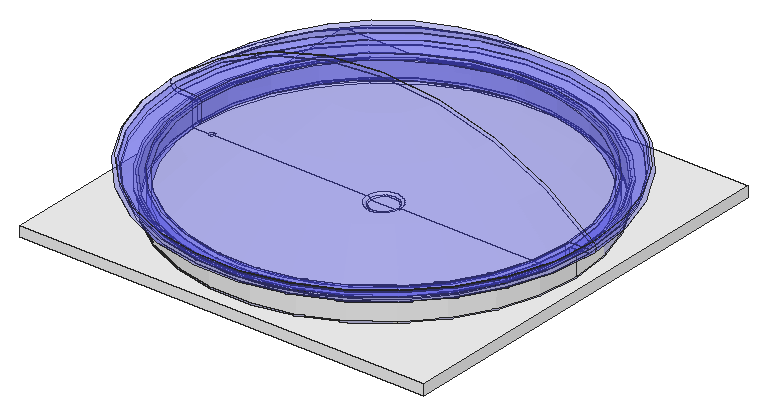
Revit family "BE_50019P_de_DE", category Leuchten, Revit 2020
Family settings
  Basisbauteil = Fläche
  Bemaßung runder Anschluss = Durchmesser verwenden
  Teiletyp = Normal
  Beim Laden mit Abzugskörper schneiden = Ja
  Lichtquelle = Ja
  Gemeinsam genutzt = Nein
  Raumberechnungspunkt = Ja
Parameters (values of type "BEGA_50019P_K3")
  built-in parameter 1150104 = 12.087 (stored number, unit not read)
  Wattage = 28.1 W
  Default Elevation = 0 mm
  built-in parameter 1150113 = 1 (stored number, unit not read)
  built-in parameter 1114218 = 1 (stored number, unit not read)
  Umgebungstemperatur = "25 °C"
  URL = "https://www.bega.com/de/produkt/50019P"
  Typenkommentare = "© 2022 BEGA. Wir behalten uns das Recht vor, technische Änderungen ohne vorherige Ankündigung vorzunehmen."  # constant formula
  built-in parameter 1150134 = (empty or 0)
  built-in parameter 1150109 = 1 (stored number, unit not read)
  Strom = ""
  built-in parameter 1150110 = 1 (stored number, unit not read)
  Spannung = 230 V
  Sonderanfertigung = no
  Seriennummer [instance] = "Hier können Sie die eindeutige Seriennummer für das Facility Management eintragen."
  Schutzklasse = "I"
  Schutzart = "IP 20"
  Scheinlast = 0 VA
  Produktdatenblatt = "http://www.bega.de/download/Xrfa/db/50019P.db.de.pdf"
  Oberflächentemperatur = ""
  Neigungswinkel = 0.00°
  Model = "50019PK2"
  Material_17 = BEGA_Reflektor
  Material_15 = BEGA_Leuchtmedium_matt
  Material_14 = BEGA_Kunststoff_opal
  Material_11 = BEGA_Glas_opal
  Material_09 = BEGA_Glas_klar
  Material_06 = BEGA_Oberfläche_Edelstahl_gebürstet
  Material_03 = BEGA_Oberfläche_Weiss_matt
  Material_02 = BEGA_Oberfläche_Silber_matt
  Material_01 [instance] = BEGA_Oberfläche_Grafit_matt
  M_W = no
  M_G = no
  M_A = no
  Logo = 0
  built-in parameter 1114217 = 1 (stored number, unit not read)
  built-in parameter 1150139 = (empty or 0)
  built-in parameter 1150105 = 1060.2 (stored number, unit not read)
  built-in parameter 1150114 = 1 (stored number, unit not read)
  Lumens = 3655.81 lm
  built-in parameter 1150115 = 1 (stored number, unit not read)
  Leuchtenlichtstrom = "2958 lm"
  Leuchtenanzahl = ""
  Lebensdauerkriterien = "L70B50 @ 25 °C = 285000 h"
  Lastklassifizierung = Beleuchtung
  built-in parameter 1150112 = 1 (stored number, unit not read)
  Lampenlichtstrom = "3655 lm"
  Lamp = "LED 28.1 W"
  LED_Modulbezeichnung = "LED-0630/927"
  Hersteller = "BEGA"  # constant formula
  Halbstreuwinkel = ""
  Gewicht = ""
  Gebrauchslageneinschränkung [instance] = ""
  Frequenz = "50 Hz"
  Farbwiedergabeindex = "CRI > 90"
  Farbtemperaturverschiebung bei Dämpfen der Lampe = <Keine Auswahl>
  Farbtemperatur = "2700 K"
  Color Filter = 16777215
  built-in parameter 1150133 = 10 (stored number, unit not read)
  Energieeffizienzklasse = "LED A++ - A"
  built-in parameter 1150137 = (empty or 0)
  built-in parameter 1150132 = (empty or 0)
  ENEC = ""
  Dimmbar [instance] = ""
  Photometric Web File = "BE_50019PK2.IES"
  CE_Konformität = "ja"
  Bestellnummer = "50019PK2"
  Beschreibung_Sonderanfertigung = "Hier können Sie Informationen zur Sonderanfertigung eintragen."
  Beschreibung = "Decken- und Wandleuchte"
  built-in parameter 1150106 = 10.602 (stored number, unit not read)
  Befestigungsbohrung = "Ø 6 mm"
  Befestigungsabstand = "340 mm"
  Ballwurfsicher = ""
  BEGA_Intern_aus = yes
  BEGA_Intern_an = yes
  BEGA_Intern_Konstruktion = yes
  BEGA_Intern = yes
  BEGA_IES = yes
  BEGA_Dummy = no
  Anschlussleitung = ""
  Anschlussleistung [instance] = "33.5 W"
  Anschlusskasten = ""
  built-in parameter 1150107 = 2700 (stored number, unit not read)
  built-in parameter 1150102 = (empty or 0)
  built-in parameter 1150138 = (empty or 0)
  Aktualisierung = "2020-07-27T04:00:12"
  Abstand_zur_angestrahlten_Fläche [instance] = ""
  AC/DC = "AC"
Types (3, lengths in mm): name | built-in parameter 1150104 | built-in parameter 1150134 | Model | built-in parameter 1150105 | Lumens | Leuchtenlichtstrom | Lampenlichtstrom | LED_Modulbezeichnung | Farbtemperatur | Photometric Web File | Bestellnummer | built-in parameter 1150106 | built-in parameter 1150107
  BEGA_50019P_K3 | 12.18 (stored number, unit not read) | (empty or 0) | "50019PK3" | 1068.4 (stored number, unit not read) | 3683.91 lm | "3484 lm" | "4305 lm" | "LED-0630/930" | "3000 K" | "BE_50019PK3.IES" | "50019PK3" | 10.684 (stored number, unit not read) | 3000 (stored number, unit not read)
  BEGA_50019P_K4 | 12.626 (stored number, unit not read) | 12 | "50019PK4" | 1107.5 (stored number, unit not read) | 3818.79 lm | "3484 lm" | "4305 lm" | "LED-0630/930" | "4000 K" | "BE_50019PK4.IES" | "50019PK4" | 11.075 (stored number, unit not read) | 4000 (stored number, unit not read)
  BEGA_50019P_K27 | 12.626 (stored number, unit not read) | 12 | "50019PK27" | 1107.5 (stored number, unit not read) | 3818.79 lm | "3371 lm" | "4165 lm" | "LED-0630/927" | "2700 K" | "BE_50019PK27.IES" | "50019PK27" | 11.075 (stored number, unit not read) | 4000 (stored number, unit not read)
Reference planes
  plane 1 "Mitte (Vorne/Hinten)": y = 0
  plane 2: z = 0
  plane 3 "Mitte (Links/Rechts)": x = 0
  plane 4 "Links": x = -210.263
  plane 5 "Rechts": x = 210.263
  plane 6 "Unten": y = -210.3
  plane 7 "Oben": y = 210.3
  plane 8 "Vorne": z = 117.8
  plane 9 "Hinten": z = 0
Forms (mm)
  Extrusion 1, solid, material "BEGA_Platte_Weiss"
    sketch origin (0, -1119.2, 0) x (1, 0, 0) y (0, 1, 0)
      loop
        line (-200, 1319.2) -> (-200, 919.2) -> (200, 919.2) -> (200, 1319.2) -> (-200, 1319.2)
    from 0 to -10
  Extrusion 2, solid, material "BEGA_Dummy_matt", visible <- "BEGA_Dummy"
    sketch origin (77.149, -76.023, 0) x (1, 0, 0) y (0, 1, 0)
      loop
        circle (-77.149, 76.023) r 210
    from 0 to 117.8
Dimensions and locks
  plane 1 "Mitte (Vorne/Hinten)" to Extrusion 1 = 200 mm
  aligned and locked: plane 2 to Extrusion 1
  aligned and locked: level to Extrusion 1
Nested families
  nested 1: "BE_50019P" at (0, 0, 0) x (0, -1, 0) z (0, 0, 1), type "BE_50019P"
Connectors
  electrical at (0, 0, 0), driven by "Lastklassifizierung", driven by "Spannung", driven by "Scheinlast"
    settings: index 1, voltage 230 V, apparent load 0 VA, apparent load phase1 0 VA, apparent load phase2 0 VA, apparent load phase3 0 VA, power factor 1, load classification "Beleuchtung", number of poles 1, system type 31, power factor state 1, is connector primary yes, connector utility no, sub classification motor no, connector description ""
Definition of nested family "BE_50019P"
  Parameters (values of type "BE_50019P")
    Default Elevation = 1 mm
    URL = "http://www.bega.de/de/produkt"
    Type Comments = "© 2015 BEGA. Wir behalten uns das Recht vor, technische Änderungen ohne vorherige Ankündigung vorzunehmen. "  # constant formula
    Type Image = (empty or 0)
    Neigungswinkel_um_Z2 = 0.00°
    Neigungswinkel_um_Z1 = 0.00°
    Neigungswinkel_um_Y2 = 0.00°
    Neigungswinkel_um_Y1 = 0.00°
    Neigungswinkel_um_X2 = 0.00°
    Neigungswinkel_um_X1 = 0.00°
    Material_17 = none
    Material_15 = none
    Material_14 = none
    Material_11 = none
    Material_09 = none
    Material_06 = none
    Material_05 = none
    Material_03 = none
    Material_02 = none
    Material_01 = none
    M_W = yes
    M_G = yes
    M_A = yes
    Länge_Platte = 600 mm  # constant formula
    Höhe_Platte = -10 mm  # constant formula
    Manufacturer = "BEGA"  # constant formula
    Drehwinkel_um_Z2 = 0.00°
    Drehwinkel_um_Z1 = 0.00°
    Breite_Platte = 600 mm  # constant formula
  Reference planes
    plane 1 "Mitte (Oben/Unten)": y = 0
    plane 2: z = 0
    plane 3 "Mitte (Links/Rechts)": x = 0
    plane 4: y = 210.263
    plane 5: z = 117.8
    plane 6: y = -210.263
    plane 7: x = -210.3
    plane 8: x = 210.3
  Forms (mm)
    Extrusion 1, solid, detail levels medium
      sketch origin (0, 0, 0) x (1, 0, 0) y (0, 1, 0)
        loop
          line (-300, 300) -> (-300, -300) -> (300, -300) -> (300, 300) -> (-300, 300)
      from 0 to -10 <- "Höhe_Platte"
    Revolve 2, solid, material <- "Material_03", detail levels medium+fine
      sketch origin (0, 0, 0) x (0, 1, 0) y (0, 0, 1)
        loop
          line (188.667, 3.3) -> (16.416, 3.3)
          arc (16.416, 3.3) -> (15.106, 2.926) -> (14.186, 1.92) r 2.5
          arc (14.186, 1.92) -> (13.635, 1.322) -> (12.852, 1.1) r 1.5
          line (12.852, 1.1) -> (0.002, 1.1) -> (0.002, 0.1) -> (13.084, 0.1)
          arc (13.084, 0.1) -> (14.394, 0.474) -> (15.313, 1.48) r 2.5
          arc (15.313, 1.48) -> (15.866, 2.078) -> (16.65, 2.3) r 1.5
          line (16.65, 2.3) -> (188.667, 2.3)
          arc (188.667, 2.3) -> (190.064, 2.868) -> (190.667, 4.25) r 2
          line (190.667, 4.25) -> (191.038, 25.509)
          arc (191.038, 25.509) -> (191.277, 26.071) -> (191.842, 26.3) r 0.8
          line (191.842, 26.3) -> (194, 26.3) -> (194, 27.3) -> (191.844, 27.3)
          arc (191.844, 27.3) -> (190.578, 26.786) -> (190.038, 25.531) r 1.8
          line (190.038, 25.531) -> (189.667, 4.275)
          arc (189.667, 4.275) -> (189.365, 3.584) -> (188.667, 3.3) r 1
        axis (0, 0.1) -> (0, 27.3)
      angle from 0 to 360
    Extrusion 3, void
      sketch origin (0, 0, 0) x (1, 0, 0) y (0, 1, 0)
        loop
          circle (163, 18) r 8.5
        loop
          circle (0, -170) r 2.75
        loop
          circle (163, -18) r 8.5
        loop
          circle (0, 170) r 2.75
      from 1.096 to 7.205
    Revolve 4, solid, material <- "Material_14", detail levels medium+fine
      sketch origin (0, 0, 0) x (0, 1, 0) y (0, 0, 1)
        loop
          line (0, 117.8) -> (0, 113.8)
          arc (0, 113.8) -> (109.34, 94.281) -> (205.171, 38.134) r 315.999
          arc (205.171, 38.134) -> (206.112, 34.88) -> (203.42, 32.823) r 3
          line (203.42, 32.823) -> (183.692, 31.789)
          arc (183.692, 31.789) -> (181.07, 30.581) -> (180, 27.899) r 3.895
          line (180, 27.899) -> (180, 10.3) -> (184, 10.3) -> (184, 26.851)
          arc (184, 26.851) -> (184.275, 27.539) -> (184.948, 27.85) r 1
          line (184.948, 27.85) -> (203.629, 28.829)
          arc (203.629, 28.829) -> (209.896, 33.581) -> (207.79, 41.158) r 7
          arc (207.79, 41.158) -> (110.737, 98.029) -> (0, 117.8) r 319.999
        axis (0, 117.8) -> (0, 10.3)
      angle from 0 to 360
    Revolve 5, solid, material <- "Material_03", detail levels medium+fine
      sketch origin (87.5, 0, 0) x (0, 1, 0) y (0, 0, 1)
        loop
          line (151.554, 0) -> (151.554, 2.614) -> (145.865, 2.614)
          arc (145.865, 2.614) -> (148.424, 0.685) -> (151.554, 0) r 7.5
        axis (151.554, 0) -> (151.554, 2.614)
      angle from 0 to 360
    Revolve 6, solid, material <- "Material_03", detail levels medium+fine
      sketch origin (-43.752, -75.774, 0) x (0.866025, -0.5, 0) y (0, 0, 1)
        loop
          line (151.554, 0) -> (151.554, 2.614) -> (145.865, 2.614)
          arc (145.865, 2.614) -> (148.424, 0.685) -> (151.554, 0) r 7.5
        axis (151.554, 0) -> (151.554, 2.614)
      angle from 0 to 360
    Revolve 7, solid, material <- "Material_03", detail levels medium+fine
      sketch origin (-43.748, 75.781, 0) x (-0.866025, -0.5, 0) y (0, 0, 1)
        loop
          line (151.554, 0) -> (151.554, 2.614) -> (145.865, 2.614)
          arc (145.865, 2.614) -> (148.424, 0.685) -> (151.554, 0) r 7.5
        axis (151.554, 0) -> (151.554, 2.614)
      angle from 0 to 360
  Cuts and joins
    Extrusion 3 cuts Revolve 2
    joined: Revolve 2, Revolve 5, Revolve 6, Revolve 7
  Dimensions and locks
    equal spacing: Extrusion 1 sketch curve, plane 3 "Mitte (Links/Rechts)", Extrusion 1 sketch curve
    equal spacing: Extrusion 1 sketch curve, plane 1 "Mitte (Oben/Unten)", Extrusion 1 sketch curve
    "Länge_Platte": Extrusion 1 sketch curve to Extrusion 1 sketch curve
    "Breite_Platte": Extrusion 1 sketch curve to Extrusion 1 sketch curve
    aligned and locked: Extrusion 1 to plane 2
    aligned and locked: level to Extrusion 1
  Automatic sketch dimensions
    Revolve 2 sketch curve to Revolve 2 sketch curve = 0 mm  (x11)
    Revolve 2 sketch curve to plane 1 "Mitte (Oben/Unten)" = 0 mm
    Revolve 2 sketch curve to plane 1 "Mitte (Oben/Unten)" = 0.002 mm
    level to Revolve 2 sketch curve = 2.6 mm
    Revolve 2 sketch curve to plane 1 "Mitte (Oben/Unten)" = 12.849 mm
    Revolve 2 sketch curve to Revolve 2 sketch curve = 0.003 mm
    Revolve 2 sketch curve to Revolve 2 sketch curve = 0.229 mm  (x2)
    level to Revolve 2 sketch curve = 0.1 mm
    Revolve 2 sketch curve to Revolve 2 sketch curve = 0.232 mm
    Revolve 2 sketch curve to Revolve 2 sketch curve = 3.338 mm
    level to Revolve 2 sketch curve = 0.8 mm
    Revolve 2 sketch curve to Revolve 2 sketch curve = 0.005 mm
    level to Revolve 2 sketch curve = 4.3 mm
    level to Revolve 2 sketch curve = 4.275 mm
    Revolve 2 sketch curve to Revolve 2 sketch curve = 1 mm  (x6)
    level to Revolve 2 sketch curve = 4.25 mm
    Revolve 2 sketch curve to Revolve 2 sketch curve = 0.8 mm
    Revolve 2 sketch curve to Revolve 2 sketch curve = 0.004 mm
    Revolve 2 sketch curve to Revolve 2 sketch curve = 0.002 mm
    Revolve 2 sketch curve to Revolve 2 sketch curve = 2.156 mm
    Revolve 2 sketch curve to Revolve 2 sketch curve = 21.25 mm
    Revolve 2 sketch curve to Revolve 2 sketch curve = 0.009 mm
    Revolve 2 sketch curve to Revolve 2 sketch curve = 0.025 mm
    Revolve 2 sketch curve to Revolve 2 sketch curve = 6.2 mm
    Revolve 5 sketch curve to Revolve 5 sketch curve = 5.69 mm
    Revolve 5 sketch curve to Revolve 5 sketch curve = 0 mm  (x3)
    Revolve 5 sketch curve to Revolve 5 sketch curve = 1.154 mm
    Revolve 5 sketch curve to Revolve 5 sketch curve = 2.614 mm
    Revolve 6 sketch curve to Revolve 6 sketch curve = 5.69 mm
    Revolve 6 sketch curve to Revolve 6 sketch curve = 0 mm  (x3)
    Revolve 6 sketch curve to Revolve 6 sketch curve = 1.154 mm
    Revolve 6 sketch curve to Revolve 6 sketch curve = 2.614 mm
    Revolve 7 sketch curve to Revolve 7 sketch curve = 5.69 mm
    Revolve 7 sketch curve to Revolve 7 sketch curve = 0 mm  (x3)
    Revolve 7 sketch curve to Revolve 7 sketch curve = 1.154 mm
    Revolve 7 sketch curve to Revolve 7 sketch curve = 2.614 mm
    Revolve 5 sketch curve to level = 0 mm
    Revolve 6 sketch curve to level = 0 mm
    level to Revolve 7 sketch curve = 0 mm
    Extrusion 3 sketch curve to plane 3 "Mitte (Links/Rechts)" = 0 mm  (x2)
    plane 1 "Mitte (Oben/Unten)" to Extrusion 3 sketch curve = 18 mm
    Extrusion 3 sketch curve to plane 1 "Mitte (Oben/Unten)" = 18 mm
    Revolve 4 sketch curve to Revolve 4 sketch curve = 0 mm  (x9)
    Revolve 4 sketch curve to plane 1 "Mitte (Oben/Unten)" = 0 mm  (x2)
    plane 1 "Mitte (Oben/Unten)" to Revolve 4 sketch curve = 0 mm
    Revolve 4 sketch curve to plane 1 "Mitte (Oben/Unten)" = 0.001 mm
    Revolve 4 sketch curve to Revolve 4 sketch curve = 3.692 mm
    Revolve 4 sketch curve to Revolve 4 sketch curve = 0.204 mm
    Revolve 4 sketch curve to Revolve 4 sketch curve = 4 mm  (x2)
    Revolve 4 sketch curve to Revolve 4 sketch curve = 1 mm
    Revolve 4 sketch curve to Revolve 4 sketch curve = 19.572 mm
    Revolve 4 sketch curve to level = 202.199 mm
    Revolve 4 sketch curve to Revolve 4 sketch curve = 0.001 mm
    level to Revolve 4 sketch curve = 10.3 mm
    Revolve 4 sketch curve to Revolve 4 sketch curve = 16.551 mm
    Revolve 4 sketch curve to Revolve 4 sketch curve = 1.048 mm
    Revolve 4 sketch curve to Revolve 4 sketch curve = 4.03 mm
    Revolve 4 sketch curve to Revolve 4 sketch curve = 0.052 mm
    Revolve 4 sketch curve to Revolve 4 sketch curve = 0.157 mm
    Revolve 4 sketch curve to Revolve 4 sketch curve = 0.209 mm
    Revolve 4 sketch curve to Revolve 4 sketch curve = 1.908 mm
    Revolve 4 sketch curve to Revolve 4 sketch curve = 2.619 mm
    Revolve 2 sketch curve to Revolve 2 sketch curve = 172.018 mm
    Revolve 2 sketch curve to Revolve 2 sketch curve = 0.371 mm
    Extrusion 3 sketch curve to plane 1 "Mitte (Oben/Unten)" = 170 mm
    Revolve 4 sketch curve to plane 1 "Mitte (Oben/Unten)" = 180 mm
    Revolve 5 sketch curve to plane 1 "Mitte (Oben/Unten)" = 145.865 mm
    plane 1 "Mitte (Oben/Unten)" to Extrusion 3 sketch curve = 170 mm
    level to Revolve 4 sketch curve = 113.8 mm
    Revolve 4 sketch curve to Revolve 4 sketch curve = 45.47 mm
    plane 3 "Mitte (Links/Rechts)" to Extrusion 3 sketch curve = 163 mm
    Extrusion 3 sketch curve to Extrusion 3 sketch curve = 0 mm
    radius of Extrusion 3 sketch curve = 8.5 mm  (x2)
    radius of Extrusion 3 sketch curve = 2.75 mm  (x2)
